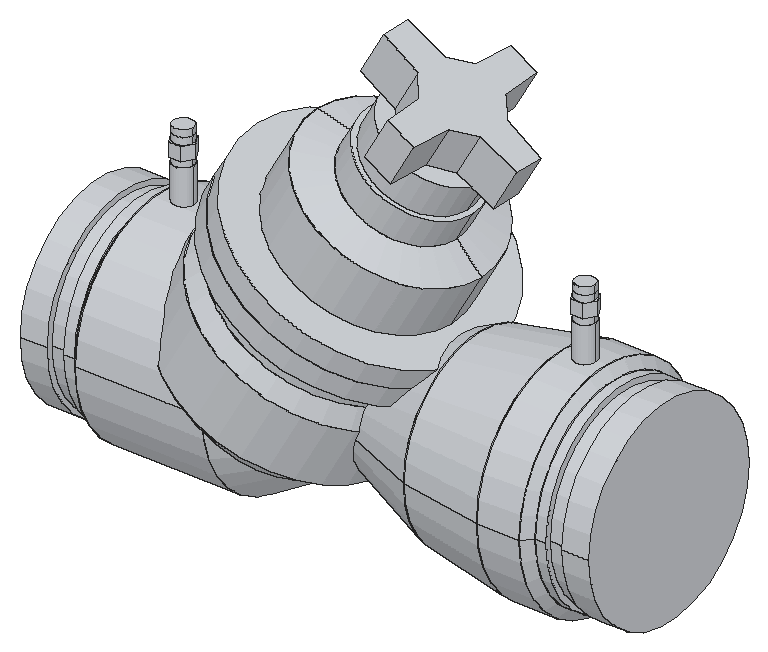
Revit family "447_d-DN150-RFA_2019", category Pipe Accessories, Revit 2019
Family settings
  Round Connector Dimension = Use Diameter
  Part Type = Valve - Breaks Into
  Work Plane-Based = No
  Always vertical = Yes
  Cut with Voids When Loaded = No
  Shared = No
Parameters (values of type "447_d-DN150")
  magiProductId = "9b6b5ad10a674c51b522359e7e2d39"
  magiProductFamilyId = "eab8c084d85f47fc9aed3208e9defb"
  magiPartTypeId = 304
  isMeasuringValve [instance] = no
  ang2D [instance] = 0.00°
  W3 = 14.437 mm
  W2D = 100 mm
  W2 = 30.026 mm
  W1 = 12.736 mm
  VersionID = "2.0/2018.4.11.4/ZETKAMA_447_GROOVED_001"
  Use Minimum Symbol Size [instance] = yes
  URL = "www.hydronix.cz"
  Type Comments = "drážkový spoj; PN16; -10~+120°C;"
  R9 = 109.2 mm
  R8 = 46.2 mm
  R7 = 50.4 mm
  R6 = 100.8 mm
  R5 = 65 mm
  R4 = 46.2 mm
  R3 = 92.4 mm
  R2 = 79.8 mm
  R13 = 10.295 mm
  R12 = 8.057 mm
  R11 = 8.952 mm
  R1 = 84 mm
  R = 75 mm
  QmdConnectorList = "301;D;302;D"
  Productdata [instance] = ""
  Model = ""
  Manufacturer = "Hydronix"
  Maintenance Zone Under Depth [instance] = 84 mm
  Maintenance Zone Right Depth [instance] = 480 mm
  Maintenance Zone Over Depth [instance] = 285 mm
  Maintenance Zone Left Depth [instance] = 480 mm
  Maintenance Zone Front Depth [instance] = 130 mm
  Maintenance Zone Back Depth [instance] = 130 mm
  Maintenance Zone Front Visibility [instance] = no
  MC Product Code = "447 150 d (DN150; PN16 kvs383,4)"
  MC Piping Given Pressure Drop [instance] = 0.0 Pa
  L9 = 71.619 mm
  L8__ve = -L8  # -35.81 mm
  L8 = 35.81 mm
  L6 = 107.429 mm
  L5 = 6.857 mm
  L4__ve = -L4  # -9.143 mm
  L4 = 9.143 mm
  L3__ve = -L3  # -13.714 mm
  L3 = 13.714 mm
  L2__ve = -L2  # -22.857 mm
  L2D_Min = 3048 mm
  L2D = 350 mm
  L2 = 22.857 mm
  L13 = 17.905 mm
  L12 = 12.736 mm
  L11 = 14.437 mm
  L10 = 30.026 mm
  L1 = 240 mm
  KZ = 40 mm
  KL = 69.282 mm
  H9 = 7.775 mm
  H8 = 50.537 mm
  H7 = 19.437 mm
  H6 = 23.325 mm
  H5 = 15.55 mm
  H4 = 58.312 mm
  H17 = 11.4 mm
  H16 = 5.7 mm
  H15 = 120.9 mm
  H14 = 38.875 mm
  H13 = 29.156 mm
  H11 = 31.1 mm
  H10 = 27.212 mm
  Description = "Ruční vyvažovací ventil s drážkovým spojem"
  D = 150 mm
  CenSd_R13_6 = R13 * cos(30.00°)  # 8.916 mm
  Clearance Zone Height Depth [instance] = 285 mm
  Clearance Zone Circular Radius [instance] = 240 mm
  Clearance Zone Visibility [instance] = no
Types (10, lengths in mm): name | magiProductId | W3 | W2 | W1 | R9 | R8 | R7 | R6 | R5 | R4 | R3 | R2 | R13 | R12 | R11 | R1 | R | Maintenance Zone Under Depth | Maintenance Zone Right Depth | Maintenance Zone Over Depth | Maintenance Zone Left Depth | Maintenance Zone Front Depth | Maintenance Zone Back Depth | MC Product Code | L9 | L8__ve | L8 | L6 | L5 | L4__ve | L4 | L3__ve | L3 | L2__ve | L2 | L13 | L12 | L11 | L10 | L1 | KZ | KL | H9 | H8 | H7 | H6 | H5 | H4 | H17 | H16 | H15 | H14 | H13 | H11 | H10 | D | CenSd_R13_6 | Clearance Zone Height Depth | Clearance Zone Circular Radius
  447_d-DN100 | "e5a6bfdd9ca54003a0551f5d760c3c" | 14.437 | 30.026 | 12.736 | 74.1 | 31.35 | 34.2 | 68.4 | 65 | 31.35 | 62.7 | 54.15 | 7.507 | 5.875 | 6.528 | 57 | 50 | 57 | 350 | 240 | 350 | 130 | 130 | "447 100 d (DN100; PN16 kvs180,5)" | 52.222 | -26.111 | 26.111 | 78.333 | 5 | -6.667 | 6.667 | -10 | 10 | -16.667 | 16.667 | 13.056 | 12.736 | 14.437 | 30.026 | 175 | 29.167 | 50.518 | 6.389 | 41.531 | 15.973 | 19.168 | 12.779 | 47.92 | 9.6 | 4.8 | 86.7 | 31.947 | 23.96 | 25.557 | 22.363 | 100 | 6.501 | 240 | 175
  447_d-DN125 | "5795ec580370482d8c46e49d975863" | 14.437 | 30.026 | 12.736 | 91.65 | 38.775 | 42.3 | 84.6 | 65 | 38.775 | 77.55 | 66.975 | 8.579 | 6.714 | 7.46 | 70.5 | 62.5 | 71 | 400 | 260 | 400 | 130 | 130 | "447 125 d (DN125; PN16 kvs280,0)" | 59.683 | -29.841 | 29.841 | 89.524 | 5.714 | -7.619 | 7.619 | -11.429 | 11.429 | -19.048 | 19.048 | 14.921 | 12.736 | 14.437 | 30.026 | 200 | 33.333 | 57.735 | 7.005 | 45.534 | 17.513 | 21.016 | 14.01 | 52.539 | 10.4 | 5.2 | 103.55 | 35.026 | 26.269 | 28.021 | 24.518 | 125 | 7.43 | 260 | 200
  447_d-DN150 | "9b6b5ad10a674c51b522359e7e2d39" | 14.437 | 30.026 | 12.736 | 109.2 | 46.2 | 50.4 | 100.8 | 65 | 46.2 | 92.4 | 79.8 | 10.295 | 8.057 | 8.952 | 84 | 75 | 84 | 480 | 285 | 480 | 130 | 130 | "447 150 d (DN150; PN16 kvs383,4)" | 71.619 | -35.81 | 35.81 | 107.429 | 6.857 | -9.143 | 9.143 | -13.714 | 13.714 | -22.857 | 22.857 | 17.905 | 12.736 | 14.437 | 30.026 | 240 | 40 | 69.282 | 7.775 | 50.537 | 19.437 | 23.325 | 15.55 | 58.312 | 11.4 | 5.7 | 120.9 | 38.875 | 29.156 | 31.1 | 27.212 | 150 | 8.916 | 285 | 240
  447_d-DN200 | "f5a67fe5c2444fc986ed7f87b9a4ed" | 31.658 | 71.601 | 30.372 | 142.35 | 60.225 | 65.7 | 131.4 | 155 | 60.225 | 120.45 | 104.025 | 12.869 | 10.071 | 11.19 | 109.5 | 100 | 110 | 600 | 480 | 600 | 310 | 310 | "447 200 d (DN200; PN16 kvs710,0)" | 89.524 | -44.762 | 44.762 | 134.286 | 8.571 | -11.429 | 11.429 | -17.143 | 17.143 | -28.571 | 28.571 | 22.381 | 30.372 | 31.658 | 71.601 | 300 | 50 | 86.603 | 12.394 | 80.56 | 30.984 | 37.181 | 24.788 | 92.953 | 19.2 | 9.6 | 168.45 | 61.969 | 46.477 | 49.575 | 43.378 | 200 | 11.145 | 480 | 300
  447_d-DN250 | "7d63ae0d28f64990bc8ce3477101ef" | 31.658 | 71.601 | 30.372 | 177.45 | 75.075 | 81.9 | 163.8 | 155 | 75.075 | 150.15 | 129.675 | 15.657 | 12.254 | 13.615 | 136.5 | 125 | 137 | 730 | 525 | 730 | 310 | 310 | "447 250 d (DN250; PN16 kvs1187,5)" | 108.921 | -54.46 | 54.46 | 163.381 | 10.429 | -13.905 | 13.905 | -20.857 | 20.857 | -34.762 | 34.762 | 27.23 | 30.372 | 31.658 | 71.601 | 365 | 60.833 | 105.366 | 13.779 | 89.566 | 34.449 | 41.338 | 27.559 | 103.346 | 21 | 10.5 | 202.65 | 68.897 | 51.673 | 55.118 | 48.228 | 250 | 13.56 | 525 | 365
  447_d-DN300 | "0a2a34dba99a430aa7daf784d6b0c1" | 31.658 | 71.601 | 30.372 | 210.6 | 89.1 | 97.2 | 194.4 | 155 | 89.1 | 178.2 | 153.9 | 18.231 | 14.268 | 15.853 | 162 | 150 | 162 | 850 | 535 | 850 | 310 | 310 | "447 300 d (DN300; PN16 kvs1504,1)" | 126.825 | -63.413 | 63.413 | 190.238 | 12.143 | -16.19 | 16.19 | -24.286 | 24.286 | -40.476 | 40.476 | 31.706 | 30.372 | 31.658 | 71.601 | 425 | 70.833 | 122.687 | 14.087 | 91.568 | 35.218 | 42.262 | 28.175 | 105.655 | 21.4 | 10.7 | 231.7 | 70.437 | 52.828 | 56.349 | 49.306 | 300 | 15.789 | 535 | 425
  447_d-DN040 | "6dc4a6b5eb924103b02307904d600f" | 9.08 | 17.092 | 7.25 | 31.2 | 13.2 | 14.4 | 28.8 | 37 | 13.2 | 26.4 | 22.8 | 4.29 | 3.357 | 3.73 | 24 | 20 | 24 | 200 | 130 | 200 | 74 | 74 | "447 040 d (DN40; PN16 kvs22,36)" | 29.841 | -14.921 | 14.921 | 44.762 | 2.857 | -3.81 | 3.81 | -5.714 | 5.714 | -9.524 | 9.524 | 7.46 | 7.25 | 9.08 | 17.092 | 100 | 16.667 | 28.868 | 3.433 | 22.317 | 8.583 | 10.3 | 6.867 | 25.75 | 5.2 | 2.6 | 39.4 | 17.167 | 12.875 | 13.733 | 12.017 | 40 | 3.715 | 130 | 100
  447_d-DN050 | "b59a3d0ad4654cda90cee0c397c848" | 9.08 | 17.092 | 7.25 | 39 | 16.5 | 18 | 36 | 37 | 16.5 | 33 | 28.5 | 4.933 | 3.861 | 4.29 | 30 | 25 | 30 | 230 | 130 | 230 | 130 | 130 | "447 050 d (DN50; PN16 kvs32,15)" | 34.317 | -17.159 | 17.159 | 51.476 | 3.286 | -4.381 | 4.381 | -6.571 | 6.571 | -10.952 | 10.952 | 8.579 | 7.25 | 9.08 | 17.092 | 115 | 19.167 | 33.198 | 3.433 | 22.317 | 8.583 | 10.3 | 6.867 | 25.75 | 5.2 | 2.6 | 46 | 17.167 | 12.875 | 13.733 | 12.017 | 50 | 4.272 | 130 | 115
  447_d-DN065 | "356db372cd37496c9ff0d3ad255dc6" | 14.437 | 30.026 | 12.736 | 49.4 | 20.9 | 22.8 | 45.6 | 65 | 20.9 | 41.8 | 36.1 | 6.22 | 4.868 | 5.409 | 38 | 32.5 | 38 | 290 | 220 | 290 | 130 | 130 | "447 065 d (DN65; PN16 kvs83,3)" | 43.27 | -21.635 | 21.635 | 64.905 | 4.143 | -5.524 | 5.524 | -8.286 | 8.286 | -13.81 | 13.81 | 10.817 | 12.736 | 14.437 | 30.026 | 145 | 24.167 | 41.858 | 5.774 | 37.528 | 14.434 | 17.321 | 11.547 | 43.301 | 8.8 | 4.4 | 63.8 | 28.868 | 21.651 | 23.094 | 20.207 | 65 | 5.387 | 220 | 145
  447_d-DN080 | "f43aa02b4841429783243073d22ea7" | 14.437 | 30.026 | 12.736 | 57.85 | 24.475 | 26.7 | 53.4 | 65 | 24.475 | 48.95 | 42.275 | 6.649 | 5.204 | 5.782 | 44.5 | 40 | 45 | 310 | 220 | 310 | 130 | 130 | "447 080 d (DN80; PN16 kvs104,3)" | 46.254 | -23.127 | 23.127 | 69.381 | 4.429 | -5.905 | 5.905 | -8.857 | 8.857 | -14.762 | 14.762 | 11.563 | 12.736 | 14.437 | 30.026 | 155 | 25.833 | 44.745 | 5.774 | 37.528 | 14.434 | 17.321 | 11.547 | 43.301 | 8.8 | 4.4 | 70.95 | 28.868 | 21.651 | 23.094 | 20.207 | 80 | 5.758 | 220 | 155
Reference planes
  plane 1 "Center (Front/Back)": y = 0
  plane 2 "XYPLANE": z = 0
  plane 3 "Center (Left/Right)": x = 0
  plane 4 "159": y = 130
  plane 5 "158": y = -130
  plane 6 "157": z = -84
  plane 7 "156": z = 285
  plane 8 "155": x = -480
  plane 9 "154": x = 480
  plane 10 "132": z = 143.7
  plane 11 "125": z = 138
  plane 12 "120": z = 126.6
  plane 13 "119": z = 120.9
  plane 14 "112": x = 169.524
  plane 15 "111": x = -169.524
  plane 16 "109": y = -14.437
  plane 17 "108": y = 14.437
  plane 18 "105": through (326.03, 0, 677.792) normal (0.866, 0, -0.5)
  plane 19 "104": through (303.97, 0, 690.528) normal (0.866, 0, -0.5)
  plane 20 "103": y = -30.026
  plane 21 "102": y = -12.736
  plane 22 "101": y = 30.026
  plane 23 "100": y = 12.736
  plane 24 "99": through (302.497, 0, 691.379) normal (0.866, 0, -0.5)
  plane 25 "98": through (288.997, 0, 699.173) normal (0.866, 0, -0.5)
  plane 26 "97": through (327.503, 0, 676.941) normal (0.866, 0, -0.5)
  plane 27 "96": through (341.003, 0, 669.147) normal (0.866, 0, -0.5)
  plane 28 "95": y = -65
  plane 29 "94": y = 65
  plane 30 "93": through (371.292, 0, 651.66) normal (0.866, 0, -0.5)
  plane 31 "92": through (258.708, 0, 716.66) normal (0.866, 0, -0.5)
  plane 32 "88": x = 80
  plane 33 "87": x = 151.619
  plane 34 "81": through (-543.176, 0, 559.192) normal (0.5, 0, 0.866)
  plane 35 "80": through (-558.726, 0, 532.259) normal (0.5, 0, 0.866)
  plane 36 "75": through (-572.332, 0, 508.692) normal (0.5, 0, 0.866)
  plane 37 "72": through (-576.219, 0, 501.959) normal (0.5, 0, 0.866)
  plane 38 "68": through (-601.488, 0, 458.192) normal (0.5, 0, 0.866)
  plane 39 "67": through (-611.207, 0, 441.359) normal (0.5, 0, 0.866)
  plane 40 "62": through (-684.097, 0, 315.109) normal (0.5, 0, 0.866)
  plane 41 "61": through (-620.925, 0, 424.526) normal (0.5, 0, 0.866)
  plane 42 "58": through (-632.588, 0, 404.326) normal (0.5, 0, 0.866)
  plane 43 "56": through (-640.363, 0, 390.859) normal (0.5, 0, 0.866)
  plane 44 "51": y = 0
  plane 45 "49": through (315, 0, 684.16) normal (0.866, 0, -0.5)
  plane 46 "48": through (-669.519, 0, 340.359) normal (0.5, 0, 0.866)
  plane 47 "30": x = 187.429
  plane 48 "29": x = 194.286
  plane 49 "28": x = 203.429
  plane 50 "27": x = 217.143
  plane 51 "14": x = -80
  plane 52 "13": x = -187.429
  plane 53 "12": x = -194.286
  plane 54 "11": x = -203.429
  plane 55 "10": x = -217.143
  plane 56 "8": x = -240
  plane 57 "7": x = 240
  plane 58 "6": y = 0
  plane 59 "5": x = 0
  plane 60 "4": z = 0
  plane 61 "45XY": through (-649.519, 0, 375) normal (0.5, 0, 0.866)
  plane 62 "45XZ": y = 0
  plane 63 "45YZ": through (375, 0, 649.519) normal (0.866, 0, -0.5)
Forms (mm)
  Blend 1, solid, visible <- "Maintenance Zone Front Visibility"
    base sketch origin (-750, 0, -84) x (1, 0, 0) y (0, 1, 0)
      loop
        line (270, 130) -> (270, -130) -> (1230, -130) -> (1230, 130) -> (270, 130)
    top sketch origin (-750, 0, -84) x (1, 0, 0) y (0, 1, 0)
      loop
        line (270, 130) -> (270, -130) -> (1230, -130) -> (1230, 130) -> (270, 130)
    from 0 to 369
  Extrusion 2, solid, visible <- "Clearance Zone Visibility"
    sketch origin (-750, 0, 0) x (1, 0, 0) y (0, 1, 0)
      loop
        circle (750, 0) r 240
    from 0 to 285 <- "Clearance Zone Height Depth"
  Extrusion 3, solid
    sketch origin (-750, 0, 143.7) x (1, 0, 0) y (0, 1, 0)
      loop
        circle (919.524, 0) r 8.057
    from 0 to 5.7 <- "H16"
  Extrusion 4, solid
    sketch origin (-750, 0, 138) x (1, 0, 0) y (0, 1, 0)
      loop
        circle (919.524, 0) r 8.057
    from 0 to 5.7 <- "H16"
  Extrusion 5, solid
    sketch origin (-750, 0, 143.7) x (1, 0, 0) y (0, 1, 0)
      loop
        circle (580.476, 0) r 8.057
    from 0 to 5.7 <- "H16"
  Extrusion 6, solid
    sketch origin (-750, 0, 138) x (1, 0, 0) y (0, 1, 0)
      loop
        circle (580.476, 0) r 8.057
    from 0 to 5.7 <- "H16"
  Extrusion 7, solid
    sketch origin (-750, 0, 126.6) x (1, 0, 0) y (0, 1, 0)
      loop
        line (929.819, 0) -> (924.671, 8.916) -> (914.376, 8.916) -> (909.229, 0) -> (914.376, -8.916) -> (924.671, -8.916) -> (929.819, 0)
    from 0 to 11.4 <- "H17"
  Extrusion 8, solid
    sketch origin (-750, 0, 126.6) x (1, 0, 0) y (0, 1, 0)
      loop
        line (590.771, 0) -> (585.624, 8.916) -> (575.329, 8.916) -> (570.181, 0) -> (575.329, -8.916) -> (585.624, -8.916) -> (590.771, 0)
    from 0 to 11.4 <- "H17"
  Extrusion 9, solid
    sketch origin (-750, 0, 120.9) x (1, 0, 0) y (0, 1, 0)
      loop
        circle (919.524, 0) r 8.057
    from 0 to 5.7 <- "H16"
  Extrusion 10, solid
    sketch origin (-750, 0, 120.9) x (1, 0, 0) y (0, 1, 0)
      loop
        circle (580.476, 0) r 8.057
    from 0 to 5.7 <- "H16"
  Extrusion 11, solid
    sketch origin (-750, 0, 0) x (1, 0, 0) y (0, 1, 0)
      loop
        circle (919.524, 0) r 8.952
    from 0 to 120.9 <- "H15"
  Extrusion 12, solid
    sketch origin (-750, 0, 0) x (1, 0, 0) y (0, 1, 0)
      loop
        circle (580.476, 0) r 8.952
    from 0 to 120.9 <- "H15"
  Extrusion 13, solid
    sketch origin (-543.176, 0, 559.192) x (0.866025, 0, -0.5) y (0, 1, 0)
      loop
        line (615.718, 12.736) -> (615.718, -12.736) -> (650.692, -14.437) -> (666.281, -30.026) -> (667.981, -65) -> (693.454, -65) -> (695.155, -30.026) -> (710.744, -14.437) -> (745.718, -12.736) -> (745.718, 12.736) -> (710.744, 14.437) -> (695.155, 30.026) -> (693.454, 65) -> (667.981, 65) -> (666.281, 30.026) -> (650.692, 14.437) -> (615.718, 12.736)
    from 0 to 38.875 <- "H14"
  Blend 14, solid
    base sketch origin (151.619, -750, 0) x (0, 1, 0) y (0, 0, 1)
      loop
        circle (750, 0) r 92.4
    top sketch origin (151.619, -750, 0) x (0, 1, 0) y (0, 0, 1)
      loop
        circle (750, 0) r 79.8
    from 0 to -71.619
  Extrusion 15, solid
    sketch origin (-611.207, 0, 441.359) x (0.866025, 0, -0.5) y (0, 1, 0)
      loop
        circle (680.718, 0) r 109.2
    from 0 to 19.437 <- "H7"
  Extrusion 16, solid
    sketch origin (-620.925, 0, 424.526) x (0.866025, 0, -0.5) y (0, 1, 0)
      loop
        circle (680.718, 0) r 109.2
    from 0 to 19.437 <- "H7"
  Extrusion 17, solid
    sketch origin (-558.726, 0, 532.259) x (0.866025, 0, -0.5) y (0, 1, 0)
      loop
        circle (680.718, 0) r 46.2
    from 0 to 31.1 <- "H11"
  Blend 18, solid
    base sketch origin (-576.219, 0, 501.959) x (0.866025, 0, -0.5) y (0, 1, 0)
      loop
        circle (680.718, 0) r 79.8
    top sketch origin (-576.219, 0, 501.959) x (0.866025, 0, -0.5) y (0, 1, 0)
      loop
        circle (680.718, 0) r 50.4
    from 0 to 7.775
  Extrusion 19, solid
    sketch origin (-601.488, 0, 458.192) x (0.866025, 0, -0.5) y (0, 1, 0)
      loop
        circle (680.718, 0) r 79.8
    from 0 to 50.537 <- "H8"
  Extrusion 20, solid
    sketch origin (-572.332, 0, 508.692) x (0.866025, 0, -0.5) y (0, 1, 0)
      loop
        circle (680.718, 0) r 50.4
    from 0 to 27.212 <- "H10"
  Blend 21, solid
    base sketch origin (-669.519, 0, 340.359) x (0.866025, 0, -0.5) y (0, 1, 0)
      loop
        circle (680.718, 0) r 100.8
    top sketch origin (-669.519, 0, 340.359) x (0.866025, 0, -0.5) y (0, 1, 0)
      loop
        circle (680.718, 0) r 75
    from 0 to -29.156
  Extrusion 22, solid
    sketch origin (-632.588, 0, 404.326) x (0.866025, 0, -0.5) y (0, 1, 0)
      loop
        circle (680.718, 0) r 92.4
    from 0 to 23.325 <- "H6"
  Blend 23, solid
    base sketch origin (-640.363, 0, 390.859) x (0.866025, 0, -0.5) y (0, 1, 0)
      loop
        circle (680.718, 0) r 100.8
    top sketch origin (-640.363, 0, 390.859) x (0.866025, 0, -0.5) y (0, 1, 0)
      loop
        circle (680.718, 0) r 92.4
    from 0 to 15.55
  Extrusion 24, solid
    sketch origin (-669.519, 0, 340.359) x (0.866025, 0, -0.5) y (0, 1, 0)
      loop
        circle (680.718, 0) r 100.8
    from 0 to 58.312 <- "H4"
  Extrusion 25, solid
    sketch origin (240, -750, 0) x (0, 1, 0) y (0, 0, 1)
      loop
        circle (750, 0) r 84
    from 0 to -22.857 <- "L2__ve"
  Extrusion 26, solid
    sketch origin (217.143, -750, 0) x (0, 1, 0) y (0, 0, 1)
      loop
        circle (750, 0) r 79.8
    from 0 to -13.714 <- "L3__ve"
  Extrusion 27, solid
    sketch origin (203.429, -750, 0) x (0, 1, 0) y (0, 0, 1)
      loop
        circle (750, 0) r 84
    from 0 to -9.143 <- "L4__ve"
  Blend 28, solid
    base sketch origin (194.286, -750, 0) x (0, 1, 0) y (0, 0, 1)
      loop
        circle (750, 0) r 84
    top sketch origin (194.286, -750, 0) x (0, 1, 0) y (0, 0, 1)
      loop
        circle (750, 0) r 92.4
    from 0 to -6.857
  Extrusion 29, solid
    sketch origin (187.429, -750, 0) x (0, 1, 0) y (0, 0, 1)
      loop
        circle (750, 0) r 92.4
    from 0 to -35.81 <- "L8__ve"
  Blend 30, solid
    base sketch origin (80, -750, 0) x (0, 1, 0) y (0, 0, 1)
      loop
        circle (750, 0) r 79.8
    top sketch origin (80, -750, 0) x (0, 1, 0) y (0, 0, 1)
      loop
        circle (750, 0) r 46.2
    from 0 to -80
  Blend 31, solid
    base sketch origin (-80, -750, 0) x (0, 1, 0) y (0, 0, 1)
      loop
        circle (750, 0) r 92.4
    top sketch origin (-80, -750, 0) x (0, 1, 0) y (0, 0, 1)
      loop
        circle (750, 0) r 46.2
    from 0 to 80
  Extrusion 32, solid
    sketch origin (-187.429, -750, 0) x (0, 1, 0) y (0, 0, 1)
      loop
        circle (750, 0) r 92.4
    from 0 to 107.429 <- "L6"
  Blend 33, solid
    base sketch origin (-194.286, -750, 0) x (0, 1, 0) y (0, 0, 1)
      loop
        circle (750, 0) r 84
    top sketch origin (-194.286, -750, 0) x (0, 1, 0) y (0, 0, 1)
      loop
        circle (750, 0) r 92.4
    from 0 to 6.857
  Extrusion 34, solid
    sketch origin (-203.429, -750, 0) x (0, 1, 0) y (0, 0, 1)
      loop
        circle (750, 0) r 84
    from 0 to 9.143 <- "L4"
  Extrusion 35, solid
    sketch origin (-217.143, -750, 0) x (0, 1, 0) y (0, 0, 1)
      loop
        circle (750, 0) r 79.8
    from 0 to 13.714 <- "L3"
  Extrusion 36, solid
    sketch origin (-240, -750, 0) x (0, 1, 0) y (0, 0, 1)
      loop
        circle (750, 0) r 84
    from 0 to 22.857 <- "L2"
  Extrusion 37, solid, not visible
    sketch origin (-240, -750, 0) x (0, 1, 0) y (0, 0, 1)
      loop
        circle (750, 0) r 10
    from 0 to 10
  Extrusion 38, solid, not visible
    sketch origin (240, -750, 0) x (0, 1, 0) y (0, 0, 1)
      loop
        circle (750, 0) r 10
    from 0 to -10
Lines and regions (mm)
  reference lines, not visible
    curve 1: circle (2, 2, 0) r 1 normal (0, 0, 1)
  reference lines
    curve 2: line (169.524, 0, 126.6) -> (167.647, 3.251, 126.6)
    curve 3: line (169.524, 0, 126.6) -> (165.77, 0, 126.6)
    curve 4: line (169.524, 0, 126.6) -> (167.647, -3.251, 126.6)
    curve 5: line (-169.524, 0, 126.6) -> (-171.401, 3.251, 126.6)
    curve 6: line (-169.524, 0, 126.6) -> (-173.277, 0, 126.6)
    curve 7: line (-169.524, 0, 126.6) -> (-171.401, -3.251, 126.6)
Dimensions and locks
  plane 1 "Center (Front/Back)" to curve 1 = 2 mm
  "Maintenance Zone Back Depth": plane 1 "Center (Front/Back)" to plane 4 "159"
  "Maintenance Zone Front Depth": plane 1 "Center (Front/Back)" to plane 5 "158"
  "Maintenance Zone Under Depth": plane 2 "XYPLANE" to plane 6 "157"
  "Maintenance Zone Over Depth": plane 2 "XYPLANE" to plane 7 "156"
  "Maintenance Zone Left Depth": plane 3 "Center (Left/Right)" to plane 8 "155"
  "Maintenance Zone Right Depth": plane 3 "Center (Left/Right)" to plane 9 "154"
  "H16": plane 11 "125" to plane 10 "132"
  "H17": plane 12 "120" to plane 11 "125"
  "H16": plane 13 "119" to plane 12 "120"
  "H15": plane 2 "XYPLANE" to plane 13 "119"
  "L13": plane 47 "30" to plane 14 "112"
  "L13": plane 52 "13" to plane 15 "111"
  "W3": plane 44 "51" to plane 16 "109"
  "W3": plane 44 "51" to plane 17 "108"
  "L12": plane 45 "49" to plane 18 "105"
  "L12": plane 45 "49" to plane 19 "104"
  "W2": plane 58 "6" to plane 20 "103"
  "W1": plane 58 "6" to plane 21 "102"
  "W2": plane 58 "6" to plane 22 "101"
  "W1": plane 58 "6" to plane 23 "100"
  "L11": plane 45 "49" to plane 24 "99"
  "L10": plane 45 "49" to plane 25 "98"
  "L11": plane 45 "49" to plane 26 "97"
  "L10": plane 45 "49" to plane 27 "96"
  "R5": plane 58 "6" to plane 28 "95"
  "R5": plane 58 "6" to plane 29 "94"
  "R5": plane 45 "49" to plane 30 "93"
  "R5": plane 45 "49" to plane 31 "92"
  "L9": plane 33 "87" to plane 32 "88"
  "L8": plane 47 "30" to plane 33 "87"
  "H11": plane 35 "80" to plane 34 "81"
  "H10": plane 36 "75" to plane 35 "80"
  "H9": plane 37 "72" to plane 36 "75"
  "H8": plane 38 "68" to plane 37 "72"
  "H7": plane 39 "67" to plane 38 "68"
  "H7": plane 41 "61" to plane 39 "67"
  "H13": plane 46 "48" to plane 40 "62"
  "H6": plane 42 "58" to plane 41 "61"
  "H5": plane 43 "56" to plane 42 "58"
  "H4": plane 46 "48" to plane 43 "56"
  locked: plane 58 "6" to plane 44 "51"
  "KL": plane 63 "45YZ" to plane 45 "49"
  "KZ": plane 61 "45XY" to plane 46 "48"
  "L5": plane 48 "29" to plane 47 "30"
  "L4": plane 49 "28" to plane 48 "29"
  "L3": plane 50 "27" to plane 49 "28"
  "L2": plane 57 "7" to plane 50 "27"
  "L6": plane 52 "13" to plane 51 "14"
  "L5": plane 53 "12" to plane 52 "13"
  "L4": plane 54 "11" to plane 53 "12"
  "L3": plane 55 "10" to plane 54 "11"
  "L2": plane 56 "8" to plane 55 "10"
  "L1": plane 3 "Center (Left/Right)" to plane 56 "8"
  "L1": plane 3 "Center (Left/Right)" to plane 57 "7"
  locked: plane 1 "Center (Front/Back)" to plane 58 "6"
  locked: plane 3 "Center (Left/Right)" to plane 59 "5"
  locked: plane 2 "XYPLANE" to plane 60 "4"
  Blend 1 sketch curve to Blend 1 sketch curve = 0 mm  (x16)
  "CenSd_R13_6": curve 2 to Extrusion 7 sketch curve  (x2)
  "CenSd_R13_6": curve 3 to Extrusion 7 sketch curve  (x2)
  "CenSd_R13_6": curve 4 to Extrusion 7 sketch curve  (x2)
  Extrusion 7 sketch curve to Extrusion 7 sketch curve = 0 mm  (x12)
  "CenSd_R13_6": curve 5 to Extrusion 8 sketch curve  (x2)
  "CenSd_R13_6": curve 6 to Extrusion 8 sketch curve  (x2)
  "CenSd_R13_6": curve 7 to Extrusion 8 sketch curve  (x2)
  Extrusion 8 sketch curve to Extrusion 8 sketch curve = 0 mm  (x12)
  Extrusion 13 sketch curve to Extrusion 13 sketch curve = 0 mm  (x32)
  "Clearance Zone Circular Radius": radius of Extrusion 2 sketch curve
  "R12": radius of Extrusion 3 sketch curve
  "R12": radius of Extrusion 4 sketch curve
  "R12": radius of Extrusion 5 sketch curve
  "R12": radius of Extrusion 6 sketch curve
  "R12": radius of Extrusion 9 sketch curve
  "R12": radius of Extrusion 10 sketch curve
  "R11": radius of Extrusion 11 sketch curve
  "R11": radius of Extrusion 12 sketch curve
  "R2": radius of Blend 14 sketch curve
  "R3": radius of Blend 14 sketch curve
  "R9": radius of Extrusion 15 sketch curve
  "R9": radius of Extrusion 16 sketch curve
  "R8": radius of Extrusion 17 sketch curve
  "R7": radius of Blend 18 sketch curve
  "R2": radius of Blend 18 sketch curve
  "R2": radius of Extrusion 19 sketch curve
  "R7": radius of Extrusion 20 sketch curve
  "R": radius of Blend 21 sketch curve
  "R6": radius of Blend 21 sketch curve
  "R3": radius of Extrusion 22 sketch curve
  "R3": radius of Blend 23 sketch curve
  "R6": radius of Blend 23 sketch curve
  "R6": radius of Extrusion 24 sketch curve
  "R1": radius of Extrusion 25 sketch curve
  "R2": radius of Extrusion 26 sketch curve
  "R1": radius of Extrusion 27 sketch curve
  "R3": radius of Blend 28 sketch curve
  "R1": radius of Blend 28 sketch curve
  "R3": radius of Extrusion 29 sketch curve
  "R4": radius of Blend 30 sketch curve
  "R2": radius of Blend 30 sketch curve
  "R4": radius of Blend 31 sketch curve
  "R3": radius of Blend 31 sketch curve
  "R3": radius of Extrusion 32 sketch curve
  "R3": radius of Blend 33 sketch curve
  "R1": radius of Blend 33 sketch curve
  "R1": radius of Extrusion 34 sketch curve
  "R2": radius of Extrusion 35 sketch curve
  "R1": radius of Extrusion 36 sketch curve
  locked: curve 3 to curve 2 (angle 60.00°)
  locked: curve 4 to curve 3 (angle 60.00°)
  locked: curve 4 to curve 2 (angle 120.00°)
  locked: curve 6 to curve 5 (angle 60.00°)
  locked: curve 7 to curve 6 (angle 60.00°)
  locked: curve 7 to curve 5 (angle 120.00°)
  aligned and locked: level to plane 2 "XYPLANE"
  aligned and locked: Blend 1 sketch curve to plane 8 "155"  (x2)
  aligned and locked: plane 4 "159" to Blend 1 sketch curve  (x4)
  aligned and locked: plane 5 "158" to Blend 1 sketch curve  (x4)
  aligned and locked: plane 8 "155" to Blend 1 sketch curve  (x2)
  aligned and locked: plane 9 "154" to Blend 1 sketch curve  (x4)
  aligned and locked: plane 7 "156" to Blend 1
  aligned and locked: plane 58 "6" to Extrusion 2 sketch curve
  aligned and locked: plane 59 "5" to Extrusion 2 sketch curve
  aligned and locked: plane 14 "112" to Extrusion 3 sketch curve
  aligned and locked: plane 58 "6" to Extrusion 3 sketch curve
  aligned and locked: plane 14 "112" to Extrusion 4 sketch curve
  aligned and locked: plane 58 "6" to Extrusion 4 sketch curve
  aligned and locked: plane 15 "111" to Extrusion 5 sketch curve
  aligned and locked: plane 58 "6" to Extrusion 5 sketch curve
  aligned and locked: plane 15 "111" to Extrusion 6 sketch curve
  aligned and locked: plane 58 "6" to Extrusion 6 sketch curve
  aligned and locked: plane 14 "112" to curve 4
  aligned and locked: plane 58 "6" to curve 4
  aligned and locked: plane 15 "111" to curve 6
  aligned and locked: plane 58 "6" to curve 6
  aligned and locked: plane 14 "112" to Extrusion 9 sketch curve
  aligned and locked: plane 58 "6" to Extrusion 9 sketch curve
  aligned and locked: plane 15 "111" to Extrusion 10 sketch curve
  aligned and locked: plane 58 "6" to Extrusion 10 sketch curve
  aligned and locked: plane 14 "112" to Extrusion 11 sketch curve
  aligned and locked: plane 58 "6" to Extrusion 11 sketch curve
  aligned and locked: plane 15 "111" to Extrusion 12 sketch curve
  aligned and locked: plane 58 "6" to Extrusion 12 sketch curve
  aligned and locked: Extrusion 13 sketch curve to plane 31 "92"  (x2)
  aligned and locked: plane 23 "100" to Extrusion 13 sketch curve  (x2)
  aligned and locked: plane 21 "102" to Extrusion 13 sketch curve  (x2)
  aligned and locked: plane 16 "109" to Extrusion 13 sketch curve  (x2)
  aligned and locked: Extrusion 13 sketch curve to plane 25 "98"
  aligned and locked: plane 20 "103" to Extrusion 13 sketch curve  (x2)
  aligned and locked: Extrusion 13 sketch curve to plane 24 "99"
  aligned and locked: plane 28 "95" to Extrusion 13 sketch curve  (x2)
  aligned and locked: Extrusion 13 sketch curve to plane 19 "104"
  aligned and locked: Extrusion 13 sketch curve to plane 18 "105"
  aligned and locked: Extrusion 13 sketch curve to plane 26 "97"
  aligned and locked: Extrusion 13 sketch curve to plane 27 "96"
  aligned and locked: Extrusion 13 sketch curve to plane 30 "93"
  aligned and locked: plane 30 "93" to Extrusion 13 sketch curve
  aligned and locked: plane 17 "108" to Extrusion 13 sketch curve  (x2)
  aligned and locked: plane 27 "96" to Extrusion 13 sketch curve
  aligned and locked: plane 22 "101" to Extrusion 13 sketch curve  (x2)
  aligned and locked: plane 26 "97" to Extrusion 13 sketch curve
  aligned and locked: plane 18 "105" to Extrusion 13 sketch curve
  aligned and locked: plane 29 "94" to Extrusion 13 sketch curve  (x2)
  aligned and locked: plane 19 "104" to Extrusion 13 sketch curve
  aligned and locked: plane 24 "99" to Extrusion 13 sketch curve
  aligned and locked: plane 25 "98" to Extrusion 13 sketch curve
  aligned and locked: Blend 14 sketch curve to plane 58 "6"  (x2)
  aligned and locked: plane 60 "4" to Blend 14 sketch curve  (x2)
  aligned and locked: Blend 14 to plane 32 "88"
  aligned and locked: plane 44 "51" to Extrusion 15 sketch curve
  aligned and locked: Extrusion 15 sketch curve to plane 45 "49"
  aligned and locked: plane 44 "51" to Extrusion 16 sketch curve
  aligned and locked: Extrusion 16 sketch curve to plane 45 "49"
  aligned and locked: plane 44 "51" to Extrusion 17 sketch curve
  aligned and locked: Extrusion 17 sketch curve to plane 45 "49"
  aligned and locked: plane 44 "51" to Blend 18 sketch curve  (x2)
  aligned and locked: Blend 18 sketch curve to plane 45 "49"  (x2)
  aligned and locked: plane 36 "75" to Blend 18
  aligned and locked: plane 44 "51" to Extrusion 19 sketch curve
  aligned and locked: Extrusion 19 sketch curve to plane 45 "49"
  aligned and locked: plane 44 "51" to Extrusion 20 sketch curve
  aligned and locked: Extrusion 20 sketch curve to plane 45 "49"
  aligned and locked: plane 44 "51" to Blend 21 sketch curve  (x2)
  aligned and locked: Blend 21 sketch curve to plane 45 "49"  (x2)
  aligned and locked: Blend 21 to plane 40 "62"
  aligned and locked: plane 44 "51" to Extrusion 22 sketch curve
  aligned and locked: Extrusion 22 sketch curve to plane 45 "49"
  aligned and locked: plane 44 "51" to Blend 23 sketch curve  (x2)
  aligned and locked: Blend 23 sketch curve to plane 45 "49"  (x2)
  aligned and locked: plane 42 "58" to Blend 23
  aligned and locked: plane 44 "51" to Extrusion 24 sketch curve
  aligned and locked: Extrusion 24 sketch curve to plane 45 "49"
  aligned and locked: Extrusion 25 sketch curve to plane 58 "6"
  aligned and locked: plane 60 "4" to Extrusion 25 sketch curve
  aligned and locked: Extrusion 26 sketch curve to plane 58 "6"
  aligned and locked: plane 60 "4" to Extrusion 26 sketch curve
  aligned and locked: Extrusion 27 sketch curve to plane 58 "6"
  aligned and locked: plane 60 "4" to Extrusion 27 sketch curve
  aligned and locked: Blend 28 sketch curve to plane 58 "6"  (x2)
  aligned and locked: plane 60 "4" to Blend 28 sketch curve  (x2)
  aligned and locked: Blend 28 to plane 47 "30"
  aligned and locked: Extrusion 29 sketch curve to plane 58 "6"
  aligned and locked: plane 60 "4" to Extrusion 29 sketch curve
  aligned and locked: Blend 30 sketch curve to plane 58 "6"  (x2)
  aligned and locked: plane 60 "4" to Blend 30 sketch curve  (x2)
  aligned and locked: Blend 30 to plane 59 "5"
  aligned and locked: Blend 31 sketch curve to plane 58 "6"  (x2)
  aligned and locked: plane 60 "4" to Blend 31 sketch curve  (x2)
  aligned and locked: plane 59 "5" to Blend 31
  aligned and locked: Extrusion 32 sketch curve to plane 58 "6"
  aligned and locked: plane 60 "4" to Extrusion 32 sketch curve
  aligned and locked: Blend 33 sketch curve to plane 58 "6"  (x2)
  aligned and locked: plane 60 "4" to Blend 33 sketch curve  (x2)
  aligned and locked: plane 52 "13" to Blend 33
  aligned and locked: Extrusion 34 sketch curve to plane 58 "6"
  aligned and locked: plane 60 "4" to Extrusion 34 sketch curve
  aligned and locked: Extrusion 35 sketch curve to plane 58 "6"
  aligned and locked: plane 60 "4" to Extrusion 35 sketch curve
  aligned and locked: Extrusion 36 sketch curve to plane 58 "6"
  aligned and locked: plane 60 "4" to Extrusion 36 sketch curve
  aligned and locked: Extrusion 37 sketch curve to plane 58 "6"
  aligned and locked: plane 60 "4" to Extrusion 37 sketch curve
  aligned and locked: Extrusion 38 sketch curve to plane 58 "6"
  aligned and locked: plane 60 "4" to Extrusion 38 sketch curve
Automatic sketch dimensions
  plane 21 "102" to Extrusion 37 sketch curve = 2.736 mm
  plane 21 "102" to Extrusion 38 sketch curve = 2.736 mm
  plane 3 "Center (Left/Right)" to curve 1 = 2 mm
  radius of curve 1 = 1 mm
Connectors
  piping at (-240, 0, 0), diameter 150, driven by "D"
    settings: on Extrusion 37, index 1, connector inside diameter 609.6 mm, connector length 0 mm, flow factor 0, pipe flow 0.0 L/s, pressure drop 0.0 Pa, fitting loss kfactor 0, connector angle 0.00°, fixture units 0, engagement length 0 mm, angle of deflection 0.00°, flow configuration 0, flow direction 0, fitting loss method 0, system type 29, joint type 0, gender type 0, connector reference index 2, connector utility 0, adjustable connector no, is connector primary yes, connector description ""
  piping at (240, 0, 0), diameter 150, driven by "D"
    settings: on Extrusion 38, index 2, connector inside diameter 609.6 mm, connector length 0 mm, flow factor 0, pipe flow 0.0 L/s, pressure drop 0.0 Pa, fitting loss kfactor 0, connector angle 0.00°, fixture units 0, engagement length 0 mm, angle of deflection 0.00°, flow configuration 0, flow direction 0, fitting loss method 0, system type 29, joint type 0, gender type 0, connector reference index 1, connector utility 0, adjustable connector no, is connector primary no, connector description ""
